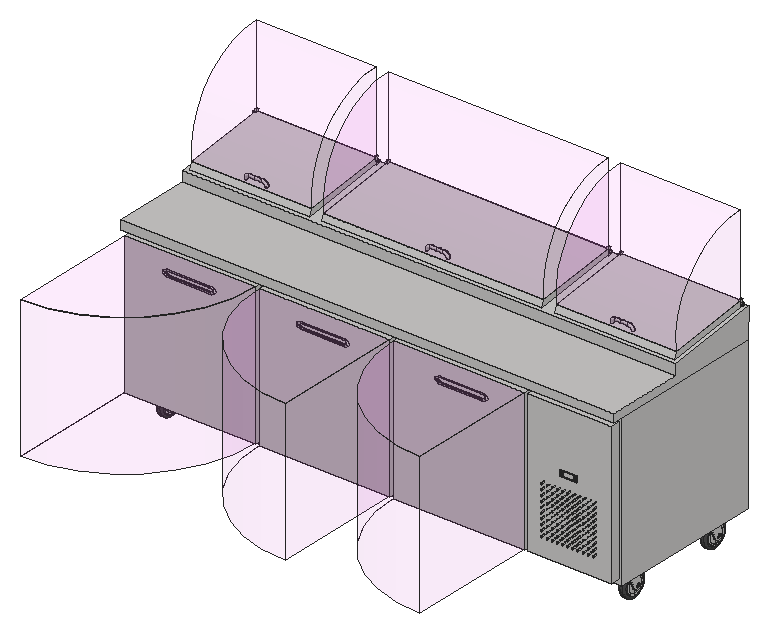
Revit family "QF_Kelvinator_738254_KCHPT92.12_3-Door_Pizza_Prep_Table_94_Long", category Specialty Equipment, Revit 2021 (continued)
Definition of nested family "KCHPT"
  Automatic sketch dimensions
    curve 132 to curve 132 = 0"
    curve 128 to curve 116 = 0.03494"
    curve 94 to curve 82 = 0.03494"
    curve 81 to curve 68 = 0.03494"
    curve 23 to curve 10 = 0.03494"
    curve 115 to curve 102 = 0.03494"
    curve 36 to curve 24 = 0.03494"
    curve 82 to curve 83 = 0.05955"
    curve 10 to curve 11 = 0.05955"
    curve 68 to curve 69 = 0.05955"
    curve 102 to curve 103 = 0.05955"
    curve 24 to curve 25 = 0.05955"
    curve 116 to curve 117 = 0.05955"
    curve 69 to curve 74 = 0.14902"
    curve 25 to curve 16 = 0.14902"
    curve 117 to curve 108 = 0.14902"
    curve 16 to curve 49 = 0.01206"
    curve 74 to curve 95 = 0.01206"
    curve 108 to curve 129 = 0.01206"
    curve 49 to curve 26 = 0.13568"
    curve 70 to curve 80 = 0.00979"
    curve 104 to curve 114 = 0.00979"
    curve 118 to curve 127 = 0.00979"
    curve 12 to curve 22 = 0.00979"
    curve 84 to curve 93 = 0.00979"
    curve 104 to curve 130 = 0.04109"
    curve 84 to curve 96 = 0.04109"
    curve 12 to curve 50 = 0.04109"
    curve 127 to curve 119 = 0.09196"
    curve 50 to curve 13 = 0.06065"
    curve 96 to curve 85 = 0.06065"
    curve 130 to curve 105 = 0.06065"
    curve 35 to curve 27 = 0.09196"
    curve 80 to curve 71 = 0.09196"
    curve 13 to curve 51 = 0.03234"
    curve 85 to curve 97 = 0.03234"
    curve 119 to curve 131 = 0.03234"
    curve 51 to curve 14 = 0.1014"
    curve 13 to curve 15 = 0.13374"
    curve 71 to curve 73 = 0.13374"
    curve 51 to curve 28 = 0.1014"
    curve 105 to curve 107 = 0.13374"
    curve 131 to curve 106 = 0.1014"
    curve 119 to curve 121 = 0.13374"
    curve 27 to curve 29 = 0.13374"
    curve 131 to curve 120 = 0.1014"
    curve 85 to curve 87 = 0.13374"
    curve 97 to curve 86 = 0.1014"
    curve 97 to curve 72 = 0.1014"
    plane 5 "FRONT" to curve 144 = 0"
    plane 5 "FRONT" to curve 146 = 0"
    plane 5 "FRONT" to curve 148 = 0"
    radius of Sweep 8 sketch curve = 1/4"
    radius of Extrusion 14 sketch curve = 1/4"
    radius of Sweep 21 sketch curve = 1/4"
    radius of Sweep 30 sketch curve = 1/4"
  Nested families (in)
    nested 1: "6 INCHES 02_CASTER" at (91.325, -25.4, 0), type "6 INCHES 02_CASTER"
      with Type Mark "", Specification by User "", Show Casters yes, Revision Code "", Item Number "", Installed By "", Identify Quantity as Lot yes, Furnished By "", Foodservice Equipment Identifier yes
    nested 2: "6 INCHES 02_CASTER" at (2.875, -25.4, 0), type "6 INCHES 02_CASTER"
      with Type Mark "", Specification by User "", Show Casters yes, Revision Code "", Item Number "", Installed By "", Identify Quantity as Lot yes, Furnished By "", Foodservice Equipment Identifier yes
    nested 3: "6 INCHES 02_CASTER" at (91.325, -6.025, 0), type "6 INCHES 02_CASTER"
      with Type Mark "", Specification by User "", Show Casters yes, Revision Code "", Item Number "", Installed By "", Identify Quantity as Lot yes, Furnished By "", Foodservice Equipment Identifier yes
    nested 4: "6 INCHES 02_CASTER" at (2.875, -6.025, 0), type "6 INCHES 02_CASTER"
      with Type Mark "", Specification by User "", Show Casters yes, Revision Code "", Item Number "", Installed By "", Identify Quantity as Lot yes, Furnished By "", Foodservice Equipment Identifier yes
  Definition of nested family "6 INCHES 02_CASTER"
    Parameters (values of type "6 INCHES 02_CASTER")
      Weight = ""
      URL Manufacturer = ""
      URL Cutsheet = ""
      URL = ""
      Type Mark [instance] = ""
      Specification by User [instance] = ""
      Specification by Manufacturer = ""
      Show Casters [instance] = yes
      Serial Number = ""
      Seismic Rating = ""
      SMACNA No = ""
      Revision Code [instance] = ""
      Omniclass Number and Title = ""
      NAFEM Spec ID Number = ""
      Model = ""
      MasterSpec. = ""
      Manufacturer = ""
      Item Number [instance] = ""
      Installed By [instance] = ""
      Identify Quantity as Lot [instance] = yes
      Furnished By [instance] = ""
      Foodservice Equipment Identifier [instance] = yes
      Description = ""
      Default Elevation = 0"
      CSI MasterFormat = ""
      CSI Master Format = ""
    Reference planes (in)
      plane 1 "BACK": y = 0
      plane 2: z = 0
      plane 3 "LEFT": x = 0
      plane 4 "RIGHT": x = 0
      plane 5 "FRONT": y = 0
      plane 6 "TOP": z = 5.5
    Forms (in)
      Revolve 1, solid, visible <- "Show Casters"
        sketch origin (-2.21793, 0, -0.25) x (-1, 0, 0) y (0, 0, 1)
          loop
            line (-2.21793, 5.75) -> (-2.21793, 5.55584) -> (-0.71818, 5.55584) -> (-0.71818, 5.75) -> (-2.21793, 5.75)
          axis (-2.21793, 5.55584) -> (-2.21793, 5.75)
        angle from 0 to 360
      Extrusion 2, solid, visible <- "Show Casters"
        sketch origin (0.25594, 2.08988, -0.1875) x (0, 1, 0) y (0, 0, 1)
          loop
            line (-3.37793, 5.49334) -> (-3.37793, 5.24334) -> (-1.67236, 2.30765)
            arc (-1.67236, 2.30765) -> (-0.65502, 1.97635) -> (-0.25363, 2.96812) r 0.78437
            line (-0.25363, 2.96812) -> (-0.80182, 5.49334) -> (-3.37793, 5.49334)
        from 0.78968 to 0.90247
      Extrusion 3, solid, visible <- "Show Casters"
        sketch origin (-0.25594, 2.08988, -0.1875) x (0, 1, 0) y (0, 0, -1)
          loop
            line (-3.37793, -5.24334) -> (-3.37793, -5.49334) -> (-0.80182, -5.49334) -> (-0.25363, -2.96812)
            arc (-0.25363, -2.96812) -> (-0.65502, -1.97635) -> (-1.67236, -2.30765) r 0.78437
            line (-1.67236, -2.30765) -> (-3.37793, -5.24334)
        from 0.78968 to 0.90247
      Extrusion 4, solid, visible <- "Show Casters"
        sketch origin (0, -0.12806, 0.75) x (0, 1, 0) y (0, 0, 1)
          loop
            line (-1.16, 4.55584) -> (-1.16, 4.30584) -> (1.41611, 4.30584) -> (1.41611, 4.55584) -> (-1.16, 4.55584)
        from -1.04562 to 1.04562
      Revolve 5, solid, visible <- "Show Casters"
        sketch origin (-1.9375, 1.11772, -0.12802) x (1, 0, 0) y (0, 0, 1)
          loop
            line (0.5843, 2.5666) -> (0.5843, 2.4286) -> (0.6343, 2.3786) -> (0.6943, 2.3786) -> (0.6943, 2.2429) -> (1.1725, 2.2429) -> (1.1725, 1.84743) -> (1.30191, 1.77271) -> (1.42647, 1.00302) -> (1.28125, 1.00302) -> (1.28125, 0.75302) -> (1.3125, 0.75302) -> (1.3125, 0.50302)
            arc (1.3125, 0.50302) -> (1.42233, 0.23785) -> (1.6875, 0.12802) r 0.375
            line (1.6875, 0.12802) -> (2.1875, 0.12802)
            arc (2.1875, 0.12802) -> (2.45267, 0.23785) -> (2.5625, 0.50302) r 0.375
            line (2.5625, 0.50302) -> (2.5625, 0.75302) -> (2.59375, 0.75302) -> (2.59375, 1.00302) -> (2.44853, 1.00302) -> (2.57366, 1.77622) -> (2.7025, 1.85061) -> (2.7025, 2.2429) -> (3.1807, 2.2429) -> (3.1807, 2.3786) -> (3.2407, 2.3786) -> (3.2907, 2.4286) -> (3.2907, 2.5666) -> (0.5843, 2.5666)
          axis (0.5843, 2.5666) -> (3.2907, 2.5666)
        angle from 0 to 360
    Cuts and joins
      joined: Extrusion 2, Extrusion 3, Extrusion 4
    Lines and regions (in)
      symbolic lines, visible <- "Show Casters"
        curve 1: line (0.45873, 2.04243, 0) -> (1.54127, 1.41743, 0)
        curve 2: line (-1.54127, -1.42167, 0) -> (-0.79127, -0.12263, 0)
        curve 3: line (-0.45873, -2.04667, 0) -> (-1.54127, -1.42167, 0)
        curve 4: line (1.54127, 1.41743, 0) -> (0.79127, 0.11839, 0)
        curve 5: line (-0.29127, 0.74339, 0) -> (0.45873, 2.04243, 0)
        curve 6: line (0.29127, -0.74763, 0) -> (-0.45873, -2.04667, 0)
    Dimensions and locks (in)
      plane 6 "TOP" to level = 5 1/2"  (x2)
      aligned and locked: level to plane 2
